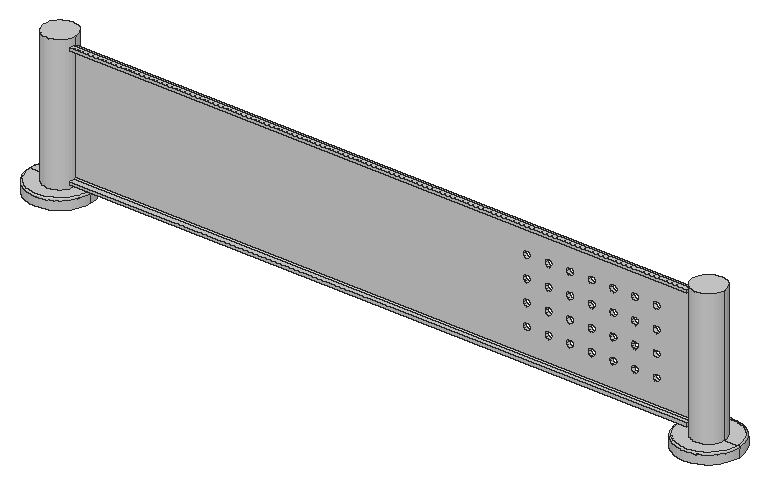
Revit family "LIANO II BATHROOM SHELF", category Specialty Equipment, host Face, Revit 2020
Family settings
  Host = Face
  Round Connector Dimension = Use Radius
  Part Type = Normal
  OmniClass Number = 23.40.20.21
  OmniClass Title = Toilet and Bath Specialties
  Cut with Voids When Loaded = No
  Shared = No
  Room Calculation Point = No
Parameters (values of type "LIANO II BATHROOM SHELF - CHROME")
  URL = "https://www.caroma.com.au/"
  Model = "96449C"
  Material_Base = GWA_Metal-Chrome
  Manufacturer = "GWA Bathrooms & Kitchens"  # constant formula
  Description = "LIANO II BATHROOM SHELF - CHROME"
  Default Elevation = 1000.00 mm
  CreatedBy_ANZRS = "GWA Bathrooms & Kitchens"  # constant formula
  Assembly Code = "C1030220"
Types (7, lengths in mm): name | Model | Material_Base | Description
  (no name) | "96449C" | GWA_Metal-Chrome | "LIANO II BATHROOM SHELF - CHROME"
  LIANO II BATHROOM SHELF - CHROME | "96449C" | GWA_Metal-Chrome | "LIANO II BATHROOM SHELF - CHROME"
  LIANO II BATHROOM SHELF - MATTE BLACK | "96449B" | GWA-Metal-Black | "LIANO II BATHROOM SHELF - MATTE BLACK"
  LIANO II BATHROOM SHELF - BRUSHED NICKEL | "96449BN" | GWA_Metal-Brushed-Nickel | "LIANO II BATHROOM SHELF - BRUSHED NICKEL"
  LIANO II BATHROOM SHELF - BRUSHED BRASS | "96449BB" | GWA_Metal-Brushed-Brass | "LIANO II BATHROOM SHELF - BRUSHED BRASS"
  LIANO II BATHROOM SHELF - GUNMETAL | "96449GM" | GWA-Metal-Gunmetal Grey | "LIANO II BATHROOM SHELF - GUNMETAL"
  LIANO II BATHROOM SHELF - BRUSHED BRONZE | "96449BBZ" | GWA_Metal-Brushed-Bronze | "LIANO II BATHROOM SHELF - BRUSHED BRONZE"
Reference planes
  plane 1 "Center (Front/Back)": y = 0
  plane 2: z = 0
  plane 3 "Center (Left/Right)": x = 0
Forms (mm)
  Revolve 1, solid, material "GWA_Metal-Chrome" <- "Material_Base"
    sketch origin (-225, 0, 0) x (1, 0, 0) y (0, 0, 1)
      loop
        line (0, 7) -> (0, 0) -> (21.5, 0) -> (21.5, 6)
        arc (21.5, 6) -> (21.207, 6.707) -> (20.5, 7) r 1
        line (20.5, 7) -> (0, 7)
      axis (0, 0) -> (0, 7)
    angle from 0 to 360
  Extrusion 2, solid, material "GWA_Metal-Chrome" <- "Material_Base"
    sketch origin (-225, 0, 0) x (1, 0, 0) y (0, 1, 0)
      loop
        circle (0, 0) r 11
    from 7 to 100
  Revolve 3, solid, material "GWA_Metal-Chrome" <- "Material_Base"
    sketch origin (225, 0, 0) x (1, 0, 0) y (0, 0, 1)
      loop
        line (0, 7) -> (0, 0) -> (21.5, 0) -> (21.5, 6)
        arc (21.5, 6) -> (21.207, 6.707) -> (20.5, 7) r 1
        line (20.5, 7) -> (0, 7)
      axis (0, 0) -> (0, 7)
    angle from 0 to 360
  Extrusion 4, solid, material "GWA_Metal-Chrome" <- "Material_Base"
    sketch origin (225, 0, 0) x (1, 0, 0) y (0, 1, 0)
      loop
        circle (0, 0) r 11
    from 7 to 100
  Extrusion 5, solid, material "GWA_Metal-Chrome" <- "Material_Base"
    sketch origin (0, 0, 0) x (0, 1, 0) y (0, 0, 1)
      loop
        line (-5, 95) -> (-5, 93) -> (-2, 93)
        arc (-2, 93) -> (-1.293, 92.707) -> (-1, 92) r 1
        line (-1, 92) -> (-1, 13)
        arc (-1, 13) -> (-1.293, 12.293) -> (-2, 12) r 1
        line (-2, 12) -> (-5, 12) -> (-5, 10) -> (-2, 10)
        arc (-2, 10) -> (0.121, 10.879) -> (1, 13) r 3
        line (1, 13) -> (1, 92)
        arc (1, 92) -> (0.121, 94.121) -> (-2, 95) r 3
        line (-2, 95) -> (-5, 95)
    from -229.5 to 229.5
  Extrusion 6, void
    sketch origin (0, 0, 0) x (1, 0, 0) y (0, 0, 1)
      loop
        line (229.5, 75) -> (229.5, 30) -> (215.5, 30) -> (215.5, 14) -> (214, 14) -> (214, 5) -> (244, 5) -> (244, 100) -> (214, 100) -> (214, 91) -> (215.5, 91) -> (215.5, 75) -> (229.5, 75)
      loop
        line (-229.5, 75) -> (-215.5, 75) -> (-215.5, 91) -> (-214, 91) -> (-214, 100) -> (-244, 100) -> (-244, 5) -> (-214, 5) -> (-214, 14) -> (-215.5, 14) -> (-215.5, 30) -> (-229.5, 30) -> (-229.5, 75)
      loop
        circle (190, 60) r 2.5
      loop
        circle (190, 75) r 2.5
      loop
        circle (190, 45) r 2.5
      loop
        circle (190, 30) r 2.5
      loop
        circle (175, 60) r 2.5
      loop
        circle (175, 75) r 2.5
      loop
        circle (175, 45) r 2.5
      loop
        circle (175, 30) r 2.5
      loop
        circle (160, 60) r 2.5
      loop
        circle (160, 75) r 2.5
      loop
        circle (160, 45) r 2.5
      loop
        circle (160, 30) r 2.5
      loop
        circle (145, 60) r 2.5
      loop
        circle (145, 75) r 2.5
      loop
        circle (145, 45) r 2.5
      loop
        circle (145, 30) r 2.5
      loop
        circle (130, 60) r 2.5
      loop
        circle (130, 75) r 2.5
      loop
        circle (130, 45) r 2.5
      loop
        circle (130, 30) r 2.5
      loop
        circle (115, 60) r 2.5
      loop
        circle (115, 75) r 2.5
      loop
        circle (115, 45) r 2.5
      loop
        circle (115, 30) r 2.5
      loop
        circle (100, 60) r 2.5
      loop
        circle (100, 75) r 2.5
      loop
        circle (100, 45) r 2.5
      loop
        circle (100, 30) r 2.5
    from -15 to 15
  Extrusion 7, void
    sketch origin (0, 0, 0) x (1, 0, 0) y (0, 0, 1)
      loop
        line (-215.5, 91) -> (-215.5, 14) -> (-210.5, 14) -> (-210.5, 91) -> (-215.5, 91)
      loop
        line (215.5, 91) -> (210.5, 91) -> (210.5, 14) -> (215.5, 14) -> (215.5, 91)
    from -1.05 to 1.05
Cuts and joins
  Extrusion 6 cuts Extrusion 5
  Extrusion 7 cuts Extrusion 2
  Extrusion 7 cuts Extrusion 4
Lines and regions (mm)
  Masking region 1
    outline origin (0, 0, 0) x (1, 0, 0) y (0, 1, 0)
      loop
        line (-204.089, -5) -> (204.089, -5)
        arc (204.089, -5) -> (246.405, 2.02) -> (203.523, 1) r 21.5
        line (203.523, 1) -> (-203.523, 1)
        arc (-203.523, 1) -> (-246.405, 2.02) -> (-204.089, -5) r 21.5
  Masking region 2
    outline origin (0, 0, 0) x (1, 0, 0) y (0, 0, 1)
      loop
        line (-214, 95) -> (-214, 100) -> (-236, 100) -> (-236, 7) -> (-245.5, 7)
        arc (-245.5, 7) -> (-246.207, 6.707) -> (-246.5, 6) r 1
        line (-246.5, 6) -> (-246.5, 0) -> (-203.5, 0) -> (-203.5, 6)
        arc (-203.5, 6) -> (-203.793, 6.707) -> (-204.5, 7) r 1
        line (-204.5, 7) -> (-214, 7) -> (-214, 10) -> (214, 10) -> (214, 7) -> (204.5, 7)
        arc (204.5, 7) -> (203.793, 6.707) -> (203.5, 6) r 1
        line (203.5, 6) -> (203.5, 0) -> (246.5, 0) -> (246.5, 6)
        arc (246.5, 6) -> (246.207, 6.707) -> (245.5, 7) r 1
        line (245.5, 7) -> (236, 7) -> (236, 100) -> (214, 100) -> (214, 95) -> (-214, 95)
  Masking region 3
    outline origin (300, 0, 0) x (0, 1, 0) y (0, 0, 1)
      loop
        line (11, 7) -> (11, 100) -> (-11, 100) -> (-11, 7) -> (-20.5, 7)
        arc (-20.5, 7) -> (-21.207, 6.707) -> (-21.5, 6) r 1
        line (-21.5, 6) -> (-21.5, 0) -> (21.5, 0) -> (21.5, 6)
        arc (21.5, 6) -> (21.207, 6.707) -> (20.5, 7) r 1
        line (20.5, 7) -> (11, 7)
  symbolic lines
    curve 1: line (-214, 1, 0) -> (214, 1, 0)
    curve 2: line (-214, -5, 0) -> (-214, 1, 0)
    curve 3: line (214, -5, 0) -> (-214, -5, 0)
    curve 4: line (214, 1, 0) -> (214, -5, 0)
    curve 5: circle (225, 0, 0) r 11 normal (0, 0, 1)
    curve 6: arc (204.089, -5, 0) -> (246.405, 2.02, 0) -> (203.523, 1, 0) r 21.5
    curve 7: circle (-225, 0, 0) r 11 normal (0, 0, -1)
    curve 8: arc (-204.089, -5, 0) -> (-246.405, 2.02, 0) -> (-203.523, 1, 0) r 21.5
    curve 9: line (246.5, 0, 0) -> (203.5, 0, 0)
    curve 10: line (203.5, 0, 0) -> (203.5, 0, 6)
    curve 11: line (204.5, 0, 7) -> (245.5, 0, 7)
    curve 12: line (246.5, 0, 0) -> (246.5, 0, 6)
    curve 13: line (236, 0, 100) -> (214, 0, 100)
    curve 14: line (214, 0, 100) -> (214, 0, 7)
    curve 15: line (236, 0, 100) -> (236, 0, 7)
    curve 16: line (-214, 0, 95) -> (214, 0, 95)
    curve 17: line (214, 0, 10) -> (-214, 0, 10)
    curve 18: circle (190, 0, 75) r 2.5 normal (0, -1, 0)
    curve 19: line (-246.5, 0, 0) -> (-203.5, 0, 0)
    curve 20: line (-203.5, 0, 0) -> (-203.5, 0, 6)
    curve 21: line (-204.5, 0, 7) -> (-245.5, 0, 7)
    curve 22: line (-246.5, 0, 0) -> (-246.5, 0, 6)
    curve 23: line (-236, 0, 100) -> (-214, 0, 100)
    curve 24: line (-214, 0, 100) -> (-214, 0, 7)
    curve 25: line (-236, 0, 100) -> (-236, 0, 7)
    curve 26: circle (175, 0, 75) r 2.5 normal (0, -1, 0)
    curve 27: circle (160, 0, 75) r 2.5 normal (0, -1, 0)
    curve 28: circle (145, 0, 75) r 2.5 normal (0, -1, 0)
    curve 29: circle (130, 0, 75) r 2.5 normal (0, -1, 0)
    curve 30: circle (115, 0, 75) r 2.5 normal (0, -1, 0)
    curve 31: circle (100, 0, 75) r 2.5 normal (0, -1, 0)
    curve 32: circle (190, 0, 60) r 2.5 normal (0, -1, 0)
    curve 33: circle (175, 0, 60) r 2.5 normal (0, -1, 0)
    curve 34: circle (160, 0, 60) r 2.5 normal (0, -1, 0)
    curve 35: circle (145, 0, 60) r 2.5 normal (0, -1, 0)
    curve 36: circle (130, 0, 60) r 2.5 normal (0, -1, 0)
    curve 37: circle (115, 0, 60) r 2.5 normal (0, -1, 0)
    curve 38: circle (100, 0, 60) r 2.5 normal (0, -1, 0)
    curve 39: circle (190, 0, 45) r 2.5 normal (0, -1, 0)
    curve 40: circle (175, 0, 45) r 2.5 normal (0, -1, 0)
    curve 41: circle (160, 0, 45) r 2.5 normal (0, -1, 0)
    curve 42: circle (145, 0, 45) r 2.5 normal (0, -1, 0)
    curve 43: circle (130, 0, 45) r 2.5 normal (0, -1, 0)
    curve 44: circle (115, 0, 45) r 2.5 normal (0, -1, 0)
    curve 45: circle (100, 0, 45) r 2.5 normal (0, -1, 0)
    curve 46: circle (190, 0, 30) r 2.5 normal (0, -1, 0)
    curve 47: circle (175, 0, 30) r 2.5 normal (0, -1, 0)
    curve 48: circle (160, 0, 30) r 2.5 normal (0, -1, 0)
    curve 49: circle (145, 0, 30) r 2.5 normal (0, -1, 0)
    curve 50: circle (130, 0, 30) r 2.5 normal (0, -1, 0)
    curve 51: circle (115, 0, 30) r 2.5 normal (0, -1, 0)
    curve 52: circle (100, 0, 30) r 2.5 normal (0, -1, 0)
    curve 53: arc (204.5, 0, 7) -> (203.793, 0, 6.707) -> (203.5, 0, 6) r 1
    curve 54: arc (246.5, 0, 6) -> (246.207, 0, 6.707) -> (245.5, 0, 7) r 1
    curve 55: arc (-203.5, 0, 6) -> (-203.793, 0, 6.707) -> (-204.5, 0, 7) r 1
    curve 56: arc (-245.5, 0, 7) -> (-246.207, 0, 6.707) -> (-246.5, 0, 6) r 1
    curve 57: line (300, -21.5, 0) -> (300, -21.5, 6)
    curve 58: line (300, -20.5, 7) -> (300, 20.5, 7)
    curve 59: line (300, 21.5, 6) -> (300, 21.5, 0)
    curve 60: line (300, 21.5, 0) -> (300, -21.5, 0)
    curve 61: line (300, -11, 100) -> (300, 11, 100)
    curve 62: line (300, 11, 100) -> (300, 11, 7)
    curve 63: line (300, -11, 100) -> (300, -11, 7)
    curve 64: arc (300, -21.5, 6) -> (300, -21.207, 6.707) -> (300, -20.5, 7) r 1
    curve 65: arc (300, 20.5, 7) -> (300, 21.207, 6.707) -> (300, 21.5, 6) r 1
Dimensions and locks
  aligned and locked: plane 2 to host face
  aligned and locked: level to host face
